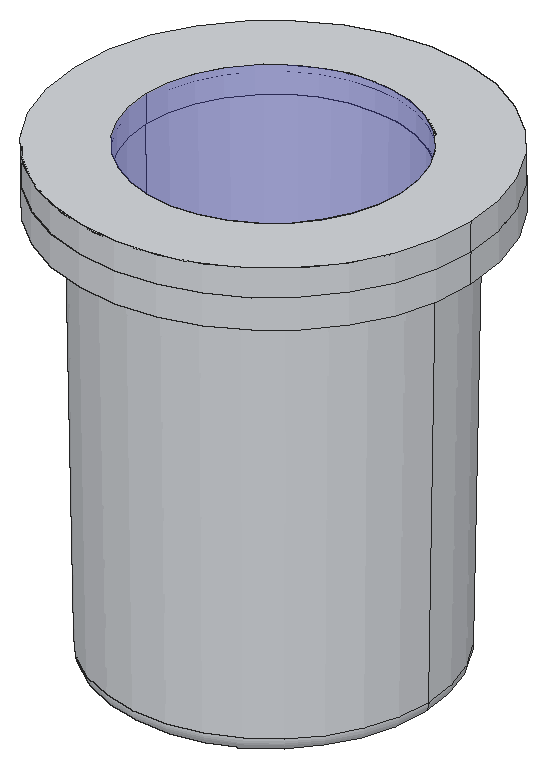
Revit family "Alcon-9042-Brass-Revit-Family", category Generic Models, host Face, Revit 2025
Family settings
  Host = Face
  Can host rebar = No
  Round Connector Dimension = Use Diameter
  Part Type = Normal
  Cut with Voids When Loaded = No
  Maintain Annotation Orientation = No
  Shared = No
  Room Calculation Point = No
Parameters
  LENS GLASS = Glass
  Default Elevation = 4' - 0"
Reference planes (in)
  plane 1 "Center (Front/Back)": y = 0
  plane 2: z = 0
  plane 3 "Center (Left/Right)": x = 0
Forms (in)
  Extrusion 1, solid
    sketch origin (-22, 0, 0) x (1, 0, 0) y (0, 1, 0)
      loop
        circle (0, 0) r 3.375
      loop
        circle (0, 0) r 2.17126
    from 7.64844 to 8.10156
  Revolve 2, solid
    sketch origin (-22, 0, 0) x (1, 0, 0) y (0, 0, 1)
      loop
        line (3.375, 7.64844) -> (2.1848, 7.64844) -> (2.05654, 0.30063)
        arc (2.05654, 0.30063) -> (1.03362, 0.15017) -> (0, 0.12508) r 8.49513
        line (0, 0.12508) -> (0, 0)
        arc (0, 0) -> (1.24566, 0.0452) -> (2.47178, 0.26957) r 8.62013
        arc (2.47178, 0.26957) -> (2.60547, 0.35685) -> (2.65908, 0.50723) r 0.25
        line (2.65908, 0.50723) -> (2.775, 7.14844) -> (3.375, 7.14844) -> (3.375, 7.64844)
      axis (0, 7.64844) -> (0, 0)
    angle from 0 to 360
  Extrusion 3, solid
    sketch origin (-22, 0, 0) x (1, 0, 0) y (0, 1, 0)
      loop
        circle (0, 0) r 0.63
      loop
        circle (0, 0) r 0.5675
      loop
        circle (-1.03, 1.49039) r 0.57
      loop
        circle (-1.03, 1.49039) r 0.5075
      loop
        circle (1.03, 1.49039) r 0.57
      loop
        circle (1.03, 1.49039) r 0.5075
    from 0 to 0.3581
  Extrusion 4, solid, material "Glass" <- "LENS GLASS"
    sketch origin (-22, 0, 0) x (1, 0, 0) y (0, 1, 0)
      loop
        circle (0, 0) r 2.17126
    from 8.00011 to 8.10156
Lines and regions (in)
  model lines
    curve 1: line (199.8132, 23.779, 0) -> (206.3132, 23.779, 0)
Dimensions and locks (in)
  aligned and locked: host face to plane 2
  aligned and locked: host face to level
